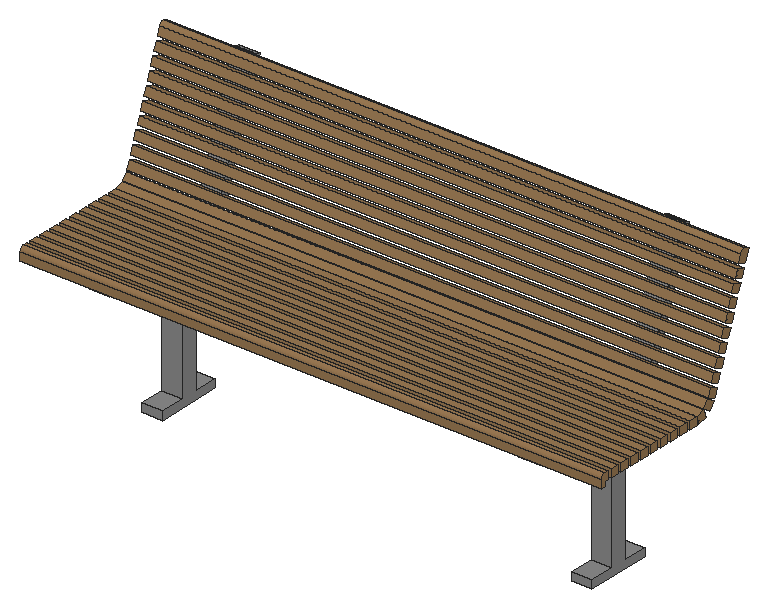
Revit family
Parameters (values of type "1800mm")
  Material of Seat = Seat Material
  Length = 1800 mm
  Material of Frame = Frame Material
Types (3, lengths in mm): name | Length
  (no name) | 1800
  1800mm | 1800
  2400mm | 2400
Reference planes
  plane 1 "Center (Front/Back)": y = 0
  plane 2: z = 0
  plane 3 "Center (Left/Right)": x = 0
  plane 4: x = -900
  plane 5: x = 900
  plane 6: y = 304.8
  plane 7: y = -304.8
  plane 8: z = 457.2
  plane 9: z = 914.4
  plane 10: x = 696.8
  plane 11: x = -696.8
Forms (mm)
  Extrusion 1, solid, material "Frame Material" <- "Material of Frame"
    sketch origin (0, 0, 0) x (0, 1, 0) y (0, 0, 1)
      loop
        line (-101.6, 0) -> (101.6, 0) -> (101.6, 25.4) -> (25.4, 25.4) -> (25.4, 431.8) -> (57.137, 431.8)
        arc (57.137, 431.8) -> (108.128, 447.877) -> (140.675, 490.294) r 88.9
        line (140.675, 490.294) -> (273.152, 854.272) -> (261.218, 858.616)
        arc (261.218, 858.616) -> (251.507, 858.192) -> (244.941, 851.025) r 12.7
        line (244.941, 851.025) -> (116.807, 498.982)
        arc (116.807, 498.982) -> (93.559, 468.684) -> (57.137, 457.2) r 63.5
        line (57.137, 457.2) -> (-304.8, 457.2) -> (-304.8, 431.8) -> (-25.4, 431.8) -> (-25.4, 25.4) -> (-101.6, 25.4) -> (-101.6, 0)
    from -696.8 to -632.908
  Extrusion 2, solid, material "Frame Material" <- "Material of Frame"
    sketch origin (-4.401, 0, 0) x (0, 1, 0) y (0, 0, 1)
      loop
        line (-101.6, 0) -> (101.6, 0) -> (101.6, 25.4) -> (25.4, 25.4) -> (25.4, 431.8) -> (57.137, 431.8)
        arc (57.137, 431.8) -> (108.128, 447.877) -> (140.675, 490.294) r 88.9
        line (140.675, 490.294) -> (273.152, 854.272) -> (261.218, 858.616)
        arc (261.218, 858.616) -> (251.507, 858.192) -> (244.941, 851.025) r 12.7
        line (244.941, 851.025) -> (116.807, 498.982)
        arc (116.807, 498.982) -> (93.559, 468.684) -> (57.137, 457.2) r 63.5
        line (57.137, 457.2) -> (-304.8, 457.2) -> (-304.8, 431.8) -> (-25.4, 431.8) -> (-25.4, 25.4) -> (-101.6, 25.4) -> (-101.6, 0)
    from 638.374 to 701.201
  Extrusion 3, solid, material "Seat Material" <- "Material of Seat"
    sketch origin (0, 0, 0) x (0, 1, 0) y (0, 0, 1)
      loop
        line (-255.434, 457.2) -> (-255.434, 482.6) -> (-280.834, 482.6) -> (-280.834, 457.2) -> (-255.434, 457.2)
      loop
        line (-217.334, 457.2) -> (-217.334, 482.6) -> (-242.734, 482.6) -> (-242.734, 457.2) -> (-217.334, 457.2)
      loop
        line (-179.234, 457.2) -> (-179.234, 482.6) -> (-204.634, 482.6) -> (-204.634, 457.2) -> (-179.234, 457.2)
      loop
        line (-141.134, 457.2) -> (-141.134, 482.6) -> (-166.534, 482.6) -> (-166.534, 457.2) -> (-141.134, 457.2)
      loop
        line (-103.034, 457.2) -> (-103.034, 482.6) -> (-128.434, 482.6) -> (-128.434, 457.2) -> (-103.034, 457.2)
      loop
        line (-64.934, 457.2) -> (-64.934, 482.6) -> (-90.334, 482.6) -> (-90.334, 457.2) -> (-64.934, 457.2)
      loop
        line (-26.834, 457.2) -> (-26.834, 482.6) -> (-52.234, 482.6) -> (-52.234, 457.2) -> (-26.834, 457.2)
      loop
        line (11.266, 457.2) -> (11.266, 482.6) -> (-14.134, 482.6) -> (-14.134, 457.2) -> (11.266, 457.2)
      loop
        line (49.366, 457.2) -> (49.366, 482.6) -> (23.966, 482.6) -> (23.966, 457.2) -> (49.366, 457.2)
      loop
        line (-293.534, 457.2) -> (-293.534, 482.6) -> (-304.646, 482.6)
        arc (-304.646, 482.6) -> (-314.749, 478.415) -> (-318.934, 468.313) r 14.288
        line (-318.934, 468.313) -> (-318.934, 444.5) -> (-304.8, 444.5) -> (-304.8, 457.2) -> (-293.534, 457.2)
      loop
        line (145.142, 576.831) -> (153.829, 600.699) -> (129.961, 609.386) -> (121.274, 585.518) -> (145.142, 576.831)
      loop
        line (158.173, 612.633) -> (166.86, 636.501) -> (142.992, 645.189) -> (134.305, 621.32) -> (158.173, 612.633)
      loop
        line (119.08, 505.226) -> (127.767, 529.094) -> (103.899, 537.782) -> (95.212, 513.914) -> (119.08, 505.226)
      loop
        line (132.111, 541.029) -> (140.798, 564.897) -> (116.93, 573.584) -> (108.243, 549.716) -> (132.111, 541.029)
      loop
        line (197.266, 720.04) -> (205.953, 743.908) -> (182.085, 752.595) -> (173.398, 728.727) -> (197.266, 720.04)
      loop
        line (210.297, 755.842) -> (218.984, 779.71) -> (195.116, 788.398) -> (186.429, 764.53) -> (210.297, 755.842)
      loop
        line (171.204, 648.435) -> (179.891, 672.304) -> (156.023, 680.991) -> (147.336, 657.123) -> (171.204, 648.435)
      loop
        line (184.235, 684.238) -> (192.922, 708.106) -> (169.054, 716.793) -> (160.367, 692.925) -> (184.235, 684.238)
      loop
        line (223.328, 791.645) -> (232.015, 815.513) -> (208.147, 824.2) -> (199.46, 800.332) -> (223.328, 791.645)
      loop
        line (236.359, 827.447) -> (249.39, 863.249) -> (237.456, 867.593)
        arc (237.456, 867.593) -> (227.745, 867.169) -> (221.178, 860.002) r 12.7
        line (221.178, 860.002) -> (212.491, 836.134) -> (236.359, 827.447)
      loop
        line (99.592, 476.158) -> (114.161, 496.964) -> (93.354, 511.533) -> (78.786, 490.727) -> (99.592, 476.158)
      loop
        line (59.082, 457.23) -> (83.616, 463.804) -> (77.042, 488.338) -> (52.508, 481.764) -> (59.082, 457.23)
    from -900 to 900
Lines and regions (mm)
  symbolic lines
    curve 1: line (-900, -304.646, 0) -> (900, -304.646, 0)
    curve 2: line (-900, 304.8, 0) -> (-900, -304.646, 0)
    curve 3: line (900, 304.8, 0) -> (-900, 304.8, 0)
    curve 4: line (900, -304.646, 0) -> (900, 304.8, 0)
    curve 5: line (-900, 153.829, 0) -> (900, 153.829, 0)
Dimensions and locks
  equal spacing: plane 4, plane 3 "Center (Left/Right)", plane 5
  "Length": plane 4 to plane 5
  equal spacing: plane 7, plane 1 "Center (Front/Back)", plane 6
  plane 7 to plane 6 = 609.6 mm
  locked: plane 4 to plane 11 at 203.2
  locked: plane 10 to plane 5 at 203.2
  locked: Extrusion 2 to plane 10 at 62.826
  locked: plane 11 to Extrusion 1 at 63.892
  aligned and locked: Extrusion 2 to plane 10
  aligned and locked: plane 11 to Extrusion 1
  aligned and locked: Extrusion 3 to plane 5
  aligned and locked: plane 4 to Extrusion 3
Automatic sketch dimensions
  Extrusion 1 sketch curve to plane 7 = 0 mm
  Extrusion 1 sketch curve to level = 0 mm
  Extrusion 1 sketch curve to plane 8 = 0 mm
  level to Extrusion 1 sketch curve = 25.4 mm  (x2)
  plane 1 "Center (Front/Back)" to Extrusion 1 sketch curve = 101.6 mm
  plane 1 "Center (Front/Back)" to Extrusion 1 sketch curve = 25.4 mm
  Extrusion 1 sketch curve to plane 1 "Center (Front/Back)" = 25.4 mm
  Extrusion 1 sketch curve to Extrusion 1 sketch curve = 0 mm
  Extrusion 1 sketch curve to Extrusion 1 sketch curve = 76.2 mm
  Extrusion 1 sketch curve to plane 8 = 41.782 mm
  Extrusion 1 sketch curve to Extrusion 1 sketch curve = 59.67 mm
  Extrusion 1 sketch curve to Extrusion 1 sketch curve = 23.868 mm
  plane 6 to Extrusion 1 sketch curve = 59.859 mm
  Extrusion 1 sketch curve to Extrusion 1 sketch curve = 11.934 mm  (x2)
  Extrusion 1 sketch curve to Extrusion 1 sketch curve = 4.344 mm  (x2)
  plane 8 to Extrusion 1 sketch curve = 25.4 mm  (x2)
  Extrusion 1 sketch curve to Extrusion 1 sketch curve = 8.687 mm
  plane 9 to Extrusion 1 sketch curve = 67.718 mm
  Extrusion 1 sketch curve to Extrusion 1 sketch curve = 31.737 mm
  Extrusion 2 sketch curve to Extrusion 2 sketch curve = 0 mm
  Extrusion 2 sketch curve to Extrusion 2 sketch curve = 76.2 mm
  Extrusion 2 sketch curve to Extrusion 2 sketch curve = 59.67 mm
  Extrusion 2 sketch curve to Extrusion 2 sketch curve = 23.868 mm
  Extrusion 2 sketch curve to Extrusion 2 sketch curve = 11.934 mm  (x2)
  Extrusion 2 sketch curve to Extrusion 2 sketch curve = 4.344 mm  (x2)
  Extrusion 2 sketch curve to Extrusion 2 sketch curve = 8.687 mm
  Extrusion 2 sketch curve to Extrusion 2 sketch curve = 31.737 mm
  Extrusion 2 sketch curve to plane 7 = 0 mm
  Extrusion 2 sketch curve to level = 0 mm
  Extrusion 2 sketch curve to plane 8 = 0 mm
  level to Extrusion 2 sketch curve = 25.4 mm  (x2)
  plane 1 "Center (Front/Back)" to Extrusion 2 sketch curve = 101.6 mm
  plane 1 "Center (Front/Back)" to Extrusion 2 sketch curve = 25.4 mm
  Extrusion 2 sketch curve to plane 1 "Center (Front/Back)" = 25.4 mm
  plane 6 to Extrusion 2 sketch curve = 59.859 mm
  plane 8 to Extrusion 2 sketch curve = 25.4 mm  (x2)
  Extrusion 2 sketch curve to Extrusion 2 sketch curve = 33.094 mm
  plane 9 to Extrusion 2 sketch curve = 67.718 mm
  Extrusion 3 sketch curve to plane 7 = 0 mm
  Extrusion 3 sketch curve to plane 8 = 0 mm  (x10)
  plane 7 to Extrusion 3 sketch curve = 14.134 mm
  Extrusion 3 sketch curve to plane 7 = 0.154 mm
  Extrusion 3 sketch curve to plane 7 = 11.266 mm
  Extrusion 3 sketch curve to Extrusion 3 sketch curve = 12.7 mm  (x9)
  Extrusion 3 sketch curve to Extrusion 3 sketch curve = 25.4 mm  (x13)
  Extrusion 3 sketch curve to plane 1 "Center (Front/Back)" = 11.266 mm
  Extrusion 3 sketch curve to plane 8 = 24.564 mm
  Extrusion 3 sketch curve to Extrusion 3 sketch curve = 3.141 mm
  Extrusion 3 sketch curve to plane 8 = 0.03 mm
  Extrusion 3 sketch curve to Extrusion 3 sketch curve = 9.715 mm
  Extrusion 3 sketch curve to plane 8 = 31.138 mm
  Extrusion 3 sketch curve to plane 8 = 33.527 mm
  Extrusion 3 sketch curve to Extrusion 3 sketch curve = 1.743 mm
  Extrusion 3 sketch curve to plane 8 = 54.333 mm
  Extrusion 3 sketch curve to Extrusion 3 sketch curve = 14.569 mm
  Extrusion 3 sketch curve to Extrusion 3 sketch curve = 1.858 mm
  Extrusion 3 sketch curve to plane 8 = 18.958 mm
  Extrusion 3 sketch curve to Extrusion 3 sketch curve = 8.687 mm  (x10)
  Extrusion 3 sketch curve to Extrusion 3 sketch curve = 4.344 mm  (x19)
  Extrusion 3 sketch curve to plane 8 = 48.026 mm
  Extrusion 3 sketch curve to Extrusion 3 sketch curve = 4.919 mm
  Extrusion 3 sketch curve to Extrusion 3 sketch curve = 11.934 mm  (x19)
  plane 9 to Extrusion 3 sketch curve = 46.807 mm
  plane 8 to Extrusion 3 sketch curve = 12.7 mm
  Extrusion 3 sketch curve to plane 8 = 11.113 mm
  Extrusion 3 sketch curve to Extrusion 3 sketch curve = 0 mm  (x4)
  Extrusion 3 sketch curve to Extrusion 3 sketch curve = 2.38 mm
  curve 5 to plane 4 = 0 mm
  curve 5 to plane 5 = 0 mm
  curve 4 to plane 6 = 0 mm
  curve 5 to curve 2 = 150.971 mm
  curve 1 to plane 7 = 0.154 mm
